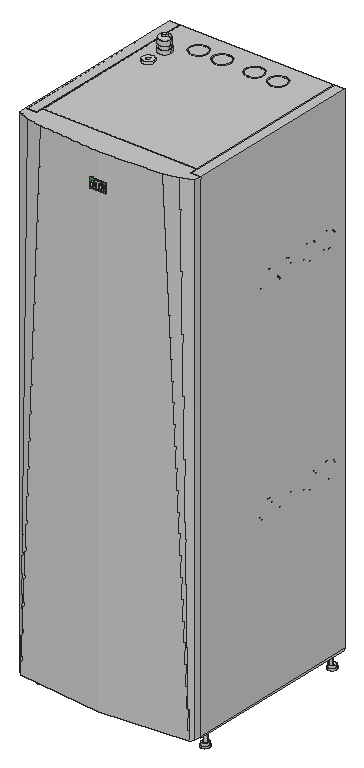
Revit family "HVAC_Heaters_Enertech_CTC-EcoPart-400 Basic", category Specialty Equipment, Revit 2017
Family settings
  Round Connector Dimension = Use Diameter
  Part Type = Normal
  OmniClass Number = 23.75.00.00
  OmniClass Title = Climate Control (HVAC)
  Work Plane-Based = No
  Always vertical = Yes
  Cut with Voids When Loaded = No
  Shared = No
  Room Calculation Point = No
Parameters (values of type "CTC EcoPart 425 Basic - 230V1N")
  Weight = "334 kg"
  WaterVolumeWaterSuply = "N/A"
  WaterVolumeHeathingSystem = "N/A"
  WarrantyStartDate [instance] = "n/a"
  WarrantyGuarantorParts = "n/a"
  WarrantyGuarantorLabor = "n/a"
  WarrantyDurationUnit = "Year"
  WarrantyDurationParts = "n/a"
  WarrantyDurationLabor = "n/a"
  WarrantyDescription = "n/a"
  VersionDate = "10/11/2020"  # constant formula
  Version = "1"  # constant formula
  UsageCurrent = 0 A
  Uniclass2015Reference = "Pr_40_70_65"
  Uniclass2015Description = "Preparation catering equipment"
  Uniclass2 = "Pr_40_70_65"
  URL = "https://ctc-heating.com/products/ground-source-heating"
  UNSPSCCode = "40101806"
  Type Comments = ""
  Touchscreen = "no"
  TagNumber [instance] = "n/a"
  SustainabilityPerformance = "n/a"
  Status = "n/a"
  SpecifiedOutput = "24.44 kW"
  SoundPowerLWA = "50 dB"
  Sound pressureLPA 5m = "N/A"
  Sound pressureLPA 1m = "45 dB"
  Sound pressureLPA 10m = "N/A"
  Size = "673x596x1760 mm"
  Shape = "Rectangular"
  SerialNumber [instance] = "7310 xxxx xxxx"
  SEERWarm = "N/A"
  SEERModerate = "N/A"
  SEERCold = "N/A"
  SCOPWarm = "4.7"
  SCOPModerate = "4.8"
  SCOPCold = "4.8"
  Revision = "4"  # constant formula
  ReplacementCost = "n/a"
  RefrigerantType = "R407C"
  RefrigerantQuantity = "4.6 kg (2.7+1.9)"
  ReferenceAirFlowRate = "N/A"
  Reference = "n/a"
  RatedVoltage = 230 V
  RatedHeatOutputModerate = "26 kW"
  RatedCurrent = 24 A
  PumpMainMaterial = Stainless Steel
  ProductInformation = "CTC EcoPart Pro/Basic is a series of large geothermal heat pumps without hotwater preparation. Using separate cooling modules, CTC EcoPart Pro/Basic is able to increase output in three stages. This provides gentler operation and better adaptation to the building's various output requirements. \nCTC EcoPart Pro/Basic is available in three sizes: 25, 30 and 35 kW which can be connected in series to produce up to 170 kW (1 x CTC EcoPart Pro + 4 x CTC EcoPart Basic). "
  PowerFactor = 0 W
  PhaseReference = "n/a"
  PhaseAngle = 0.00°
  OutputRangeIimmersionHeater = "N/A"
  OutputRange = "N/A"
  NumberOfPoles = 1
  NominalWidth = 596 mm
  NominalVoltage = 230 V
  NominalHeight = 1760 mm
  NominalHeatingOutput = "26/24"
  NominalFrequencyRange = 50 Hz
  NominalDepth = 673 mm
  NominalCurrent = 0 A
  Name = "CTC-EcoPart-425 Basic"  # constant formula
  NBSReference = "90-40-40/320"
  NBSDescription = "Air to water heat pumps"
  ModelReference = "n/a"
  ModelNumber = "587001011"
  MaxStartingCurrent = "60.0 A (30.0 + 30.0)"
  MaxOperatingPressureThermalStore = "3 bar"
  MaxOperatingPressureHotWater = "N/A"
  MaxAirFlowRate = "N/A"
  Material = "Steel/copper"
  ManufacturerURL = "https://ctc.se/"
  ManufacturerName = "Enertech AB"
  Model = "CTC EcoPart 425 Basic"
  ManufacturerCountry = "Sweden"
  Manufacturer = "Enertech AB"
  InsulationStandardClass = "n/a"
  InstallationDate [instance] = "n/a"
  InPutPower = "5.36 kW"
  IfcExportType = "HEATER"  # constant formula
  IfcExportAs = "IfcElectricalDeviceCommon"  # constant formula
  IP_Code = "IP X1"
  HotTapWaterPerformance = "N/A"
  HasProtectiveEarth = yes
  GroupFuse = "25 A"
  Grade = "n/a"
  Finish = "n/a"
  Features = "n/a"
  ExpectedLife = "n/a"
  EnergyEfficiencyClassForHeatingSystem = "A++/A++"
  EnergyEfficiencyClass = "A+++/A++"
  EnergyClass_HotWater_TapProfile = "N/A"
  EnergyClassHeatingWithoutControl = "A++"
  EnergyClassHeatingWithControl = "A+++"
  EANNumber = "7333077000653"
  DurationUnit = "Year"
  Description = "CTC EcoPart Pro/Basic is a series of large geothermal heat pumps without hotwater preparation. Using separate cooling modules, CTC EcoPart Pro/Basic is able to increase output in three stages. This provides gentler operation and better adaptation to the building's various output requirements. \nCTC EcoPart Pro/Basic is available in three sizes: 25, 30 and 35 kW which can be connected in series to produce up to 170 kW (1 x CTC EcoPart Pro + 4 x CTC EcoPart Basic). "
  Cost = 0
  CoolingModule_Bottom_Top = "414/410"
  ConvergoRefNr = "0091-1710-0005-SE"
  Constituents = "n/a"
  ConductorFunction = "n/a"
  Color = "white"
  CodePerformance = "n/a"
  Capacity = "Fixed"
  COPTop = "4.60/3.68/2.98"
  COPBottom = "4.54/3.64/2.95"
  COP = "4.56"
  CO2Equivalent = "8.160 tonnes"
  BrineSystem_Min_MaxPressure = "0.2 - 3.0 bar"
  Barcode [instance] = "n/a"
  AssetIdentifier [instance] = "n/a"
  Category = "Heat pumps, Geothermal"
  Brand = "CTC"
  BIMObjectName = "HVAC_Heaters_Enertech_CTC-EcoPart-425 Basic"  # constant formula
  Author = "Convergo AB"  # constant formula
  AssetType = "Fixed"
  Artikel nr. = ""
  AirFlow = "N/A"
  Accessories = ""
  AccessibilityPerformance = "n/a"
Reference planes
  plane 1 "Center (Front/Back)": y = 0
  plane 2: z = 0
  plane 3 "Center (Left/Right)": x = 0
  plane 4: x = -298
  plane 5: x = 298
  plane 6: y = 336.5
  plane 7: y = -336.5
  plane 8: z = 1760
Forms (mm)
  Extrusion 1, solid, material "Stainless Steel" <- "PumpMainMaterial", detail levels medium+fine
    sketch origin (0, 0, 0) x (1, 0, 0) y (0, 1, 0)
      loop
        line (-263, -247.014) -> (263, -247.014) -> (263, 336.5) -> (-263, 336.5) -> (-263, -247.014)
      loop
        line (261, 334.5) -> (-261, 334.5) -> (-261, -245.014) -> (261, -245.014) -> (261, 334.5)
    from 1757 to 52.5
  Extrusion 2, solid, material "Stainless Steel" <- "PumpMainMaterial", detail levels medium+fine
    sketch origin (0, 0, 0) x (1, 0, 0) y (0, 1, 0)
      loop
        line (-263, 336.5) -> (-263, -247.014) -> (263, -247.014) -> (263, 336.5) -> (-263, 336.5)
    from 1760 to 1757
  Extrusion 3, solid, material "Stainless Steel" <- "PumpMainMaterial", detail levels medium+fine
    sketch origin (0, 0, 0) x (1, 0, 0) y (0, 1, 0)
      loop
        line (-298, -273.014) -> (-263, -273.014) -> (-263, 336.5) -> (-298, 336.5) -> (-298, -273.014)
      loop
        line (-265, 334.5) -> (-296, 334.5) -> (-296, -271.014) -> (-265, -271.014) -> (-265, 334.5)
      loop
        line (298, -273.014) -> (298, 336.5) -> (263, 336.5) -> (263, -273.014) -> (298, -273.014)
      loop
        line (265, 334.5) -> (265, -271.014) -> (296, -271.014) -> (296, 334.5) -> (265, 334.5)
    from 52.5 to 1757
  Extrusion 4, solid, material "Stainless Steel" <- "PumpMainMaterial", detail levels medium+fine
    sketch origin (0, 0, 0) x (1, 0, 0) y (0, 1, 0)
      loop
        line (-298, -273.014) -> (-263, -273.014) -> (-263, 336.5) -> (-298, 336.5) -> (-298, -273.014)
      loop
        line (298, -273.014) -> (298, 336.5) -> (263, 336.5) -> (263, -273.014) -> (298, -273.014)
    from 1757 to 1760
  Extrusion 5, solid, material "Stainless Steel" <- "PumpMainMaterial", detail levels medium+fine
    sketch origin (0, 0, 0) x (1, 0, 0) y (0, 0, 1)
      loop
        line (-298, 52.518) -> (-298, 47.518) -> (-263, 47.518) -> (-263, 28) -> (263, 28) -> (263, 47.518) -> (298, 47.518) -> (298, 52.518) -> (-298, 52.518)
    from -336 to 272.514
  Extrusion 6, void
    sketch origin (0, 0, 0) x (1, 0, 0) y (0, 1, 0)
      loop
        arc (-135.992, 288.017) -> (-156.547, 279.105) -> (-165.459, 258.55) r 30.484
        line (-165.459, 258.55) -> (-163.458, 258.55)
        arc (-163.458, 258.55) -> (-155.133, 277.691) -> (-135.992, 286.016) r 28.484
        line (-135.992, 286.016) -> (-135.992, 288.017)
      loop
        line (-133.992, 288.017) -> (-133.992, 286.016)
        arc (-133.992, 286.016) -> (-114.851, 277.691) -> (-106.526, 258.55) r 28.484
        line (-106.526, 258.55) -> (-104.525, 258.55)
        arc (-104.525, 258.55) -> (-113.437, 279.105) -> (-133.992, 288.017) r 30.484
      loop
        arc (-165.459, 256.55) -> (-156.547, 235.995) -> (-135.992, 227.083) r 30.484
        line (-135.992, 227.083) -> (-135.992, 229.084)
        arc (-135.992, 229.084) -> (-155.133, 237.409) -> (-163.458, 256.55) r 28.484
        line (-163.458, 256.55) -> (-165.459, 256.55)
      loop
        line (-133.992, 229.084) -> (-133.992, 227.083)
        arc (-133.992, 227.083) -> (-113.437, 235.995) -> (-104.525, 256.55) r 30.484
        line (-104.525, 256.55) -> (-106.526, 256.55)
        arc (-106.526, 256.55) -> (-114.851, 237.409) -> (-133.992, 229.084) r 28.484
      loop
        arc (-55.992, 288.017) -> (-76.547, 279.105) -> (-85.459, 258.55) r 30.484
        line (-85.459, 258.55) -> (-83.458, 258.55)
        arc (-83.458, 258.55) -> (-75.133, 277.691) -> (-55.992, 286.016) r 28.484
        line (-55.992, 286.016) -> (-55.992, 288.017)
      loop
        line (-53.992, 288.017) -> (-53.992, 286.016)
        arc (-53.992, 286.016) -> (-34.851, 277.691) -> (-26.526, 258.55) r 28.484
        line (-26.526, 258.55) -> (-24.525, 258.55)
        arc (-24.525, 258.55) -> (-33.437, 279.105) -> (-53.992, 288.017) r 30.484
      loop
        arc (-85.459, 256.55) -> (-76.547, 235.995) -> (-55.992, 227.083) r 30.484
        line (-55.992, 227.083) -> (-55.992, 229.084)
        arc (-55.992, 229.084) -> (-75.133, 237.409) -> (-83.458, 256.55) r 28.484
        line (-83.458, 256.55) -> (-85.459, 256.55)
      loop
        line (-53.992, 229.084) -> (-53.992, 227.083)
        arc (-53.992, 227.083) -> (-33.437, 235.995) -> (-24.525, 256.55) r 30.484
        line (-24.525, 256.55) -> (-26.526, 256.55)
        arc (-26.526, 256.55) -> (-34.851, 237.409) -> (-53.992, 229.084) r 28.484
      loop
        line (135.992, 288.017) -> (135.992, 286.016)
        arc (135.992, 286.016) -> (155.133, 277.691) -> (163.458, 258.55) r 28.484
        line (163.458, 258.55) -> (165.459, 258.55)
        arc (165.459, 258.55) -> (156.547, 279.105) -> (135.992, 288.017) r 30.484
      loop
        arc (133.992, 288.017) -> (113.437, 279.105) -> (104.525, 258.55) r 30.484
        line (104.525, 258.55) -> (106.526, 258.55)
        arc (106.526, 258.55) -> (114.851, 277.691) -> (133.992, 286.016) r 28.484
        line (133.992, 286.016) -> (133.992, 288.017)
      loop
        line (165.459, 256.55) -> (163.458, 256.55)
        arc (163.458, 256.55) -> (155.133, 237.409) -> (135.992, 229.084) r 28.484
        line (135.992, 229.084) -> (135.992, 227.083)
        arc (135.992, 227.083) -> (156.547, 235.995) -> (165.459, 256.55) r 30.484
      loop
        arc (133.992, 229.084) -> (114.851, 237.409) -> (106.526, 256.55) r 28.484
        line (106.526, 256.55) -> (104.525, 256.55)
        arc (104.525, 256.55) -> (113.437, 235.995) -> (133.992, 227.083) r 30.484
        line (133.992, 227.083) -> (133.992, 229.084)
      loop
        line (55.992, 288.017) -> (55.992, 286.016)
        arc (55.992, 286.016) -> (75.133, 277.691) -> (83.458, 258.55) r 28.484
        line (83.458, 258.55) -> (85.459, 258.55)
        arc (85.459, 258.55) -> (76.547, 279.105) -> (55.992, 288.017) r 30.484
      loop
        arc (53.992, 288.017) -> (33.437, 279.105) -> (24.525, 258.55) r 30.484
        line (24.525, 258.55) -> (26.526, 258.55)
        arc (26.526, 258.55) -> (34.851, 277.691) -> (53.992, 286.016) r 28.484
        line (53.992, 286.016) -> (53.992, 288.017)
      loop
        line (85.459, 256.55) -> (83.458, 256.55)
        arc (83.458, 256.55) -> (75.133, 237.409) -> (55.992, 229.084) r 28.484
        line (55.992, 229.084) -> (55.992, 227.083)
        arc (55.992, 227.083) -> (76.547, 235.995) -> (85.459, 256.55) r 30.484
      loop
        arc (53.992, 229.084) -> (34.851, 237.409) -> (26.526, 256.55) r 28.484
        line (26.526, 256.55) -> (24.525, 256.55)
        arc (24.525, 256.55) -> (33.437, 235.995) -> (53.992, 227.083) r 30.484
        line (53.992, 227.083) -> (53.992, 229.084)
    from 1692.47 to 1786.05
  Extrusion 7, void
    sketch origin (0, 0, 0) x (0, 1, 0) y (0, 0, 1)
      loop
        line (266.984, 1360.467) -> (266.984, 1358.466)
        arc (266.984, 1358.466) -> (286.125, 1350.141) -> (294.45, 1331) r 28.484
        line (294.45, 1331) -> (296.451, 1331)
        arc (296.451, 1331) -> (287.539, 1351.555) -> (266.984, 1360.467) r 30.484
      loop
        arc (264.984, 1360.467) -> (244.428, 1351.555) -> (235.516, 1331) r 30.484
        line (235.516, 1331) -> (237.518, 1331)
        arc (237.518, 1331) -> (245.843, 1350.141) -> (264.984, 1358.466) r 28.484
        line (264.984, 1358.466) -> (264.984, 1360.467)
      loop
        line (296.451, 1329) -> (294.45, 1329)
        arc (294.45, 1329) -> (286.125, 1309.859) -> (266.984, 1301.534) r 28.484
        line (266.984, 1301.534) -> (266.984, 1299.533)
        arc (266.984, 1299.533) -> (287.539, 1308.445) -> (296.451, 1329) r 30.484
      loop
        arc (264.984, 1301.534) -> (245.843, 1309.859) -> (237.518, 1329) r 28.484
        line (237.518, 1329) -> (235.516, 1329)
        arc (235.516, 1329) -> (244.428, 1308.445) -> (264.984, 1299.533) r 30.484
        line (264.984, 1299.533) -> (264.984, 1301.534)
      loop
        line (186.984, 1360.467) -> (186.984, 1358.466)
        arc (186.984, 1358.466) -> (206.125, 1350.141) -> (214.45, 1331) r 28.484
        line (214.45, 1331) -> (216.451, 1331)
        arc (216.451, 1331) -> (207.539, 1351.555) -> (186.984, 1360.467) r 30.484
      loop
        arc (184.984, 1360.467) -> (164.428, 1351.555) -> (155.516, 1331) r 30.484
        line (155.516, 1331) -> (157.518, 1331)
        arc (157.518, 1331) -> (165.843, 1350.141) -> (184.984, 1358.466) r 28.484
        line (184.984, 1358.466) -> (184.984, 1360.467)
      loop
        line (216.451, 1329) -> (214.45, 1329)
        arc (214.45, 1329) -> (206.125, 1309.859) -> (186.984, 1301.534) r 28.484
        line (186.984, 1301.534) -> (186.984, 1299.533)
        arc (186.984, 1299.533) -> (207.539, 1308.445) -> (216.451, 1329) r 30.484
      loop
        arc (184.984, 1301.534) -> (165.843, 1309.859) -> (157.518, 1329) r 28.484
        line (157.518, 1329) -> (155.516, 1329)
        arc (155.516, 1329) -> (164.428, 1308.445) -> (184.984, 1299.533) r 30.484
        line (184.984, 1299.533) -> (184.984, 1301.534)
      loop
        arc (-5, 1360.467) -> (-25.555, 1351.555) -> (-34.467, 1331) r 30.484
        line (-34.467, 1331) -> (-32.466, 1331)
        arc (-32.466, 1331) -> (-24.141, 1350.141) -> (-5, 1358.466) r 28.484
        line (-5, 1358.466) -> (-5, 1360.467)
      loop
        line (-3, 1360.467) -> (-3, 1358.466)
        arc (-3, 1358.466) -> (16.141, 1350.141) -> (24.466, 1331) r 28.484
        line (24.466, 1331) -> (26.467, 1331)
        arc (26.467, 1331) -> (17.555, 1351.555) -> (-3, 1360.467) r 30.484
      loop
        arc (-34.467, 1329) -> (-25.555, 1308.445) -> (-5, 1299.533) r 30.484
        line (-5, 1299.533) -> (-5, 1301.534)
        arc (-5, 1301.534) -> (-24.141, 1309.859) -> (-32.466, 1329) r 28.484
        line (-32.466, 1329) -> (-34.467, 1329)
      loop
        line (-3, 1301.534) -> (-3, 1299.533)
        arc (-3, 1299.533) -> (17.555, 1308.445) -> (26.467, 1329) r 30.484
        line (26.467, 1329) -> (24.466, 1329)
        arc (24.466, 1329) -> (16.141, 1309.859) -> (-3, 1301.534) r 28.484
      loop
        arc (75, 1360.467) -> (54.445, 1351.555) -> (45.533, 1331) r 30.484
        line (45.533, 1331) -> (47.534, 1331)
        arc (47.534, 1331) -> (55.859, 1350.141) -> (75, 1358.466) r 28.484
        line (75, 1358.466) -> (75, 1360.467)
      loop
        line (77, 1360.467) -> (77, 1358.466)
        arc (77, 1358.466) -> (96.141, 1350.141) -> (104.466, 1331) r 28.484
        line (104.466, 1331) -> (106.467, 1331)
        arc (106.467, 1331) -> (97.555, 1351.555) -> (77, 1360.467) r 30.484
      loop
        arc (45.533, 1329) -> (54.445, 1308.445) -> (75, 1299.533) r 30.484
        line (75, 1299.533) -> (75, 1301.534)
        arc (75, 1301.534) -> (55.859, 1309.859) -> (47.534, 1329) r 28.484
        line (47.534, 1329) -> (45.533, 1329)
      loop
        line (77, 1301.534) -> (77, 1299.533)
        arc (77, 1299.533) -> (97.555, 1308.445) -> (106.467, 1329) r 30.484
        line (106.467, 1329) -> (104.466, 1329)
        arc (104.466, 1329) -> (96.141, 1309.859) -> (77, 1301.534) r 28.484
      loop
        line (266.984, 660.467) -> (266.984, 658.466)
        arc (266.984, 658.466) -> (286.125, 650.141) -> (294.45, 631) r 28.484
        line (294.45, 631) -> (296.451, 631)
        arc (296.451, 631) -> (287.539, 651.555) -> (266.984, 660.467) r 30.484
      loop
        arc (264.984, 660.467) -> (244.428, 651.555) -> (235.516, 631) r 30.484
        line (235.516, 631) -> (237.518, 631)
        arc (237.518, 631) -> (245.843, 650.141) -> (264.984, 658.466) r 28.484
        line (264.984, 658.466) -> (264.984, 660.467)
      loop
        line (296.451, 629) -> (294.45, 629)
        arc (294.45, 629) -> (286.125, 609.859) -> (266.984, 601.534) r 28.484
        line (266.984, 601.534) -> (266.984, 599.533)
        arc (266.984, 599.533) -> (287.539, 608.445) -> (296.451, 629) r 30.484
      loop
        arc (264.984, 601.534) -> (245.843, 609.859) -> (237.518, 629) r 28.484
        line (237.518, 629) -> (235.516, 629)
        arc (235.516, 629) -> (244.428, 608.445) -> (264.984, 599.533) r 30.484
        line (264.984, 599.533) -> (264.984, 601.534)
      loop
        line (186.984, 660.467) -> (186.984, 658.466)
        arc (186.984, 658.466) -> (206.125, 650.141) -> (214.45, 631) r 28.484
        line (214.45, 631) -> (216.451, 631)
        arc (216.451, 631) -> (207.539, 651.555) -> (186.984, 660.467) r 30.484
      loop
        arc (184.984, 660.467) -> (164.428, 651.555) -> (155.516, 631) r 30.484
        line (155.516, 631) -> (157.518, 631)
        arc (157.518, 631) -> (165.843, 650.141) -> (184.984, 658.466) r 28.484
        line (184.984, 658.466) -> (184.984, 660.467)
      loop
        line (216.451, 629) -> (214.45, 629)
        arc (214.45, 629) -> (206.125, 609.859) -> (186.984, 601.534) r 28.484
        line (186.984, 601.534) -> (186.984, 599.533)
        arc (186.984, 599.533) -> (207.539, 608.445) -> (216.451, 629) r 30.484
      loop
        arc (184.984, 601.534) -> (165.843, 609.859) -> (157.518, 629) r 28.484
        line (157.518, 629) -> (155.516, 629)
        arc (155.516, 629) -> (164.428, 608.445) -> (184.984, 599.533) r 30.484
        line (184.984, 599.533) -> (184.984, 601.534)
      loop
        arc (-5, 660.467) -> (-25.555, 651.555) -> (-34.467, 631) r 30.484
        line (-34.467, 631) -> (-32.466, 631)
        arc (-32.466, 631) -> (-24.141, 650.141) -> (-5, 658.466) r 28.484
        line (-5, 658.466) -> (-5, 660.467)
      loop
        line (-3, 660.467) -> (-3, 658.466)
        arc (-3, 658.466) -> (16.141, 650.141) -> (24.466, 631) r 28.484
        line (24.466, 631) -> (26.467, 631)
        arc (26.467, 631) -> (17.555, 651.555) -> (-3, 660.467) r 30.484
      loop
        arc (-34.467, 629) -> (-25.555, 608.445) -> (-5, 599.533) r 30.484
        line (-5, 599.533) -> (-5, 601.534)
        arc (-5, 601.534) -> (-24.141, 609.859) -> (-32.466, 629) r 28.484
        line (-32.466, 629) -> (-34.467, 629)
      loop
        line (-3, 601.534) -> (-3, 599.533)
        arc (-3, 599.533) -> (17.555, 608.445) -> (26.467, 629) r 30.484
        line (26.467, 629) -> (24.466, 629)
        arc (24.466, 629) -> (16.141, 609.859) -> (-3, 601.534) r 28.484
      loop
        arc (75, 660.467) -> (54.445, 651.555) -> (45.533, 631) r 30.484
        line (45.533, 631) -> (47.534, 631)
        arc (47.534, 631) -> (55.859, 650.141) -> (75, 658.466) r 28.484
        line (75, 658.466) -> (75, 660.467)
      loop
        line (77, 660.467) -> (77, 658.466)
        arc (77, 658.466) -> (96.141, 650.141) -> (104.466, 631) r 28.484
        line (104.466, 631) -> (106.467, 631)
        arc (106.467, 631) -> (97.555, 651.555) -> (77, 660.467) r 30.484
      loop
        arc (45.533, 629) -> (54.445, 608.445) -> (75, 599.533) r 30.484
        line (75, 599.533) -> (75, 601.534)
        arc (75, 601.534) -> (55.859, 609.859) -> (47.534, 629) r 28.484
        line (47.534, 629) -> (45.533, 629)
      loop
        line (77, 601.534) -> (77, 599.533)
        arc (77, 599.533) -> (97.555, 608.445) -> (106.467, 629) r 30.484
        line (106.467, 629) -> (104.466, 629)
        arc (104.466, 629) -> (96.141, 609.859) -> (77, 601.534) r 28.484
    from 298 to -298
  Extrusion 8, void
    sketch origin (0, 0, 0) x (1, 0, 0) y (0, 0, 1)
      loop
        line (135.984, 1360.467) -> (135.984, 1358.466)
        arc (135.984, 1358.466) -> (155.125, 1350.141) -> (163.45, 1331) r 28.484
        line (163.45, 1331) -> (165.451, 1331)
        arc (165.451, 1331) -> (156.539, 1351.555) -> (135.984, 1360.467) r 30.484
      loop
        arc (133.984, 1360.467) -> (113.428, 1351.555) -> (104.516, 1331) r 30.484
        line (104.516, 1331) -> (106.518, 1331)
        arc (106.518, 1331) -> (114.843, 1350.141) -> (133.984, 1358.466) r 28.484
        line (133.984, 1358.466) -> (133.984, 1360.467)
      loop
        line (165.451, 1329) -> (163.45, 1329)
        arc (163.45, 1329) -> (155.125, 1309.859) -> (135.984, 1301.534) r 28.484
        line (135.984, 1301.534) -> (135.984, 1299.533)
        arc (135.984, 1299.533) -> (156.539, 1308.445) -> (165.451, 1329) r 30.484
      loop
        arc (133.984, 1301.534) -> (114.843, 1309.859) -> (106.518, 1329) r 28.484
        line (106.518, 1329) -> (104.516, 1329)
        arc (104.516, 1329) -> (113.428, 1308.445) -> (133.984, 1299.533) r 30.484
        line (133.984, 1299.533) -> (133.984, 1301.534)
      loop
        line (55.984, 1360.467) -> (55.984, 1358.466)
        arc (55.984, 1358.466) -> (75.125, 1350.141) -> (83.45, 1331) r 28.484
        line (83.45, 1331) -> (85.451, 1331)
        arc (85.451, 1331) -> (76.539, 1351.555) -> (55.984, 1360.467) r 30.484
      loop
        arc (53.984, 1360.467) -> (33.428, 1351.555) -> (24.516, 1331) r 30.484
        line (24.516, 1331) -> (26.518, 1331)
        arc (26.518, 1331) -> (34.843, 1350.141) -> (53.984, 1358.466) r 28.484
        line (53.984, 1358.466) -> (53.984, 1360.467)
      loop
        line (85.451, 1329) -> (83.45, 1329)
        arc (83.45, 1329) -> (75.125, 1309.859) -> (55.984, 1301.534) r 28.484
        line (55.984, 1301.534) -> (55.984, 1299.533)
        arc (55.984, 1299.533) -> (76.539, 1308.445) -> (85.451, 1329) r 30.484
      loop
        arc (53.984, 1301.534) -> (34.843, 1309.859) -> (26.518, 1329) r 28.484
        line (26.518, 1329) -> (24.516, 1329)
        arc (24.516, 1329) -> (33.428, 1308.445) -> (53.984, 1299.533) r 30.484
        line (53.984, 1299.533) -> (53.984, 1301.534)
      loop
        arc (-136, 1360.467) -> (-156.555, 1351.555) -> (-165.467, 1331) r 30.484
        line (-165.467, 1331) -> (-163.466, 1331)
        arc (-163.466, 1331) -> (-155.141, 1350.141) -> (-136, 1358.466) r 28.484
        line (-136, 1358.466) -> (-136, 1360.467)
      loop
        line (-134, 1360.467) -> (-134, 1358.466)
        arc (-134, 1358.466) -> (-114.859, 1350.141) -> (-106.534, 1331) r 28.484
        line (-106.534, 1331) -> (-104.533, 1331)
        arc (-104.533, 1331) -> (-113.445, 1351.555) -> (-134, 1360.467) r 30.484
      loop
        arc (-165.467, 1329) -> (-156.555, 1308.445) -> (-136, 1299.533) r 30.484
        line (-136, 1299.533) -> (-136, 1301.534)
        arc (-136, 1301.534) -> (-155.141, 1309.859) -> (-163.466, 1329) r 28.484
        line (-163.466, 1329) -> (-165.467, 1329)
      loop
        line (-134, 1301.534) -> (-134, 1299.533)
        arc (-134, 1299.533) -> (-113.445, 1308.445) -> (-104.533, 1329) r 30.484
        line (-104.533, 1329) -> (-106.534, 1329)
        arc (-106.534, 1329) -> (-114.859, 1309.859) -> (-134, 1301.534) r 28.484
      loop
        arc (-56, 1360.467) -> (-76.555, 1351.555) -> (-85.467, 1331) r 30.484
        line (-85.467, 1331) -> (-83.466, 1331)
        arc (-83.466, 1331) -> (-75.141, 1350.141) -> (-56, 1358.466) r 28.484
        line (-56, 1358.466) -> (-56, 1360.467)
      loop
        line (-54, 1360.467) -> (-54, 1358.466)
        arc (-54, 1358.466) -> (-34.859, 1350.141) -> (-26.534, 1331) r 28.484
        line (-26.534, 1331) -> (-24.533, 1331)
        arc (-24.533, 1331) -> (-33.445, 1351.555) -> (-54, 1360.467) r 30.484
      loop
        arc (-85.467, 1329) -> (-76.555, 1308.445) -> (-56, 1299.533) r 30.484
        line (-56, 1299.533) -> (-56, 1301.534)
        arc (-56, 1301.534) -> (-75.141, 1309.859) -> (-83.466, 1329) r 28.484
        line (-83.466, 1329) -> (-85.467, 1329)
      loop
        line (-54, 1301.534) -> (-54, 1299.533)
        arc (-54, 1299.533) -> (-33.445, 1308.445) -> (-24.533, 1329) r 30.484
        line (-24.533, 1329) -> (-26.534, 1329)
        arc (-26.534, 1329) -> (-34.859, 1309.859) -> (-54, 1301.534) r 28.484
      loop
        line (135.984, 660.467) -> (135.984, 658.466)
        arc (135.984, 658.466) -> (155.125, 650.141) -> (163.45, 631) r 28.484
        line (163.45, 631) -> (165.451, 631)
        arc (165.451, 631) -> (156.539, 651.555) -> (135.984, 660.467) r 30.484
      loop
        arc (133.984, 660.467) -> (113.428, 651.555) -> (104.516, 631) r 30.484
        line (104.516, 631) -> (106.518, 631)
        arc (106.518, 631) -> (114.843, 650.141) -> (133.984, 658.466) r 28.484
        line (133.984, 658.466) -> (133.984, 660.467)
      loop
        line (165.451, 629) -> (163.45, 629)
        arc (163.45, 629) -> (155.125, 609.859) -> (135.984, 601.534) r 28.484
        line (135.984, 601.534) -> (135.984, 599.533)
        arc (135.984, 599.533) -> (156.539, 608.445) -> (165.451, 629) r 30.484
      loop
        arc (133.984, 601.534) -> (114.843, 609.859) -> (106.518, 629) r 28.484
        line (106.518, 629) -> (104.516, 629)
        arc (104.516, 629) -> (113.428, 608.445) -> (133.984, 599.533) r 30.484
        line (133.984, 599.533) -> (133.984, 601.534)
      loop
        line (55.984, 660.467) -> (55.984, 658.466)
        arc (55.984, 658.466) -> (75.125, 650.141) -> (83.45, 631) r 28.484
        line (83.45, 631) -> (85.451, 631)
        arc (85.451, 631) -> (76.539, 651.555) -> (55.984, 660.467) r 30.484
      loop
        arc (53.984, 660.467) -> (33.428, 651.555) -> (24.516, 631) r 30.484
        line (24.516, 631) -> (26.518, 631)
        arc (26.518, 631) -> (34.843, 650.141) -> (53.984, 658.466) r 28.484
        line (53.984, 658.466) -> (53.984, 660.467)
      loop
        line (85.451, 629) -> (83.45, 629)
        arc (83.45, 629) -> (75.125, 609.859) -> (55.984, 601.534) r 28.484
        line (55.984, 601.534) -> (55.984, 599.533)
        arc (55.984, 599.533) -> (76.539, 608.445) -> (85.451, 629) r 30.484
      loop
        arc (53.984, 601.534) -> (34.843, 609.859) -> (26.518, 629) r 28.484
        line (26.518, 629) -> (24.516, 629)
        arc (24.516, 629) -> (33.428, 608.445) -> (53.984, 599.533) r 30.484
        line (53.984, 599.533) -> (53.984, 601.534)
      loop
        arc (-136, 660.467) -> (-156.555, 651.555) -> (-165.467, 631) r 30.484
        line (-165.467, 631) -> (-163.466, 631)
        arc (-163.466, 631) -> (-155.141, 650.141) -> (-136, 658.466) r 28.484
        line (-136, 658.466) -> (-136, 660.467)
      loop
        line (-134, 660.467) -> (-134, 658.466)
        arc (-134, 658.466) -> (-114.859, 650.141) -> (-106.534, 631) r 28.484
        line (-106.534, 631) -> (-104.533, 631)
        arc (-104.533, 631) -> (-113.445, 651.555) -> (-134, 660.467) r 30.484
      loop
        arc (-165.467, 629) -> (-156.555, 608.445) -> (-136, 599.533) r 30.484
        line (-136, 599.533) -> (-136, 601.534)
        arc (-136, 601.534) -> (-155.141, 609.859) -> (-163.466, 629) r 28.484
        line (-163.466, 629) -> (-165.467, 629)
      loop
        line (-134, 601.534) -> (-134, 599.533)
        arc (-134, 599.533) -> (-113.445, 608.445) -> (-104.533, 629) r 30.484
        line (-104.533, 629) -> (-106.534, 629)
        arc (-106.534, 629) -> (-114.859, 609.859) -> (-134, 601.534) r 28.484
      loop
        arc (-56, 660.467) -> (-76.555, 651.555) -> (-85.467, 631) r 30.484
        line (-85.467, 631) -> (-83.466, 631)
        arc (-83.466, 631) -> (-75.141, 650.141) -> (-56, 658.466) r 28.484
        line (-56, 658.466) -> (-56, 660.467)
      loop
        line (-54, 660.467) -> (-54, 658.466)
        arc (-54, 658.466) -> (-34.859, 650.141) -> (-26.534, 631) r 28.484
        line (-26.534, 631) -> (-24.533, 631)
        arc (-24.533, 631) -> (-33.445, 651.555) -> (-54, 660.467) r 30.484
      loop
        arc (-85.467, 629) -> (-76.555, 608.445) -> (-56, 599.533) r 30.484
        line (-56, 599.533) -> (-56, 601.534)
        arc (-56, 601.534) -> (-75.141, 609.859) -> (-83.466, 629) r 28.484
        line (-83.466, 629) -> (-85.467, 629)
      loop
        line (-54, 601.534) -> (-54, 599.533)
        arc (-54, 599.533) -> (-33.445, 608.445) -> (-24.533, 629) r 30.484
        line (-24.533, 629) -> (-26.534, 629)
        arc (-26.534, 629) -> (-34.859, 609.859) -> (-54, 601.534) r 28.484
    from -303.059 to -367.702
  Extrusion 9, solid, detail levels medium+fine
    sketch origin (0, 0, 0) x (1, 0, 0) y (0, 0, 1)
      loop
        circle (224.507, 1674.571) r 14
      loop
        circle (224.507, 1674.571) r 12.4
      loop
        circle (224.507, 1624.571) r 14
      loop
        circle (224.507, 1624.571) r 12.4
      loop
        circle (224.507, 1574.571) r 14
      loop
        circle (224.507, 1574.571) r 12.4
      loop
        circle (-224.507, 1674.571) r 14
      loop
        circle (-224.507, 1674.571) r 12.4
      loop
        circle (-224.507, 1624.571) r 14
      loop
        circle (-224.507, 1624.571) r 12.4
      loop
        circle (-224.507, 1574.571) r 14
      loop
        circle (-224.507, 1574.571) r 12.4
    from -341 to -340
  Extrusion 10, solid, material "Stainless Steel" <- "PumpMainMaterial", detail levels medium+fine
    sketch origin (0, 0, 0) x (0, 1, 0) y (0, 0, 1)
      loop
        line (-117.429, 26) -> (-99.086, 26)
        arc (-99.086, 26) -> (-98.32, 25.848) -> (-97.671, 25.414) r 2
        line (-97.671, 25.414) -> (-89.085, 16.828)
        arc (-89.085, 16.828) -> (-86.256, 15.656) -> (-83.428, 16.828) r 4
        line (-83.428, 16.828) -> (-75.261, 24.995) -> (-76.675, 26.409) -> (-84.842, 18.242)
        arc (-84.842, 18.242) -> (-86.256, 17.656) -> (-87.671, 18.242) r 2
        line (-87.671, 18.242) -> (-96.257, 26.828)
        arc (-96.257, 26.828) -> (-97.555, 27.696) -> (-99.086, 28) r 4
        line (-99.086, 28) -> (-117.429, 28)
        arc (-117.429, 28) -> (-118.96, 27.696) -> (-120.257, 26.828) r 4
        line (-120.257, 26.828) -> (-128.844, 18.242)
        arc (-128.844, 18.242) -> (-130.258, 17.656) -> (-131.672, 18.242) r 2
        line (-131.672, 18.242) -> (-139.839, 26.409) -> (-141.253, 24.995) -> (-133.086, 16.828)
        arc (-133.086, 16.828) -> (-130.258, 15.656) -> (-127.429, 16.828) r 4
        line (-127.429, 16.828) -> (-118.843, 25.414)
        arc (-118.843, 25.414) -> (-118.194, 25.848) -> (-117.429, 26) r 2
      loop
        arc (180.914, 26) -> (181.68, 25.848) -> (182.329, 25.414) r 2
        line (182.329, 25.414) -> (190.915, 16.828)
        arc (190.915, 16.828) -> (193.744, 15.656) -> (196.572, 16.828) r 4
        line (196.572, 16.828) -> (204.739, 24.995) -> (203.325, 26.409) -> (195.158, 18.242)
        arc (195.158, 18.242) -> (193.744, 17.656) -> (192.329, 18.242) r 2
        line (192.329, 18.242) -> (183.743, 26.828)
        arc (183.743, 26.828) -> (182.445, 27.696) -> (180.914, 28) r 4
        line (180.914, 28) -> (162.571, 28)
        arc (162.571, 28) -> (161.04, 27.696) -> (159.743, 26.828) r 4
        line (159.743, 26.828) -> (151.156, 18.242)
        arc (151.156, 18.242) -> (149.742, 17.656) -> (148.328, 18.242) r 2
        line (148.328, 18.242) -> (140.161, 26.409) -> (138.747, 24.995) -> (146.914, 16.828)
        arc (146.914, 16.828) -> (149.742, 15.656) -> (152.571, 16.828) r 4
        line (152.571, 16.828) -> (161.157, 25.414)
        arc (161.157, 25.414) -> (161.806, 25.848) -> (162.571, 26) r 2
        line (162.571, 26) -> (180.914, 26)
    from 255.5 to -255.5
  Revolve 11, solid, material "Stainless Steel" <- "PumpMainMaterial", detail levels medium+fine
    sketch origin (0, 307.895, 0) x (1, 0, 0) y (0, 0, 1)
      loop
        line (-279.5, 12) -> (-279.5, 0) -> (-265.125, 0) -> (-265.125, 4) -> (-267.125, 4) -> (-267.125, 12) -> (-279.5, 12)
      axis (-279.5, 12) -> (-279.5, 0)
    angle from 0 to 360
  Revolve 12, solid, material "Stainless Steel" <- "PumpMainMaterial", detail levels medium+fine
    sketch origin (0, 307.895, 0) x (-1, 0, 0) y (0, 0, 1)
      loop
        line (-279.5, 12) -> (-279.5, 0) -> (-265.125, 0) -> (-265.125, 4) -> (-267.125, 4) -> (-267.125, 12) -> (-279.5, 12)
      axis (-279.5, 12) -> (-279.5, 0)
    angle from 0 to 360
  Revolve 13, solid, material "Stainless Steel" <- "PumpMainMaterial", detail levels medium+fine
    sketch origin (0, -232.139, 0) x (1, 0, 0) y (0, 0, 1)
      loop
        line (-279.5, 12) -> (-279.5, 0) -> (-265.125, 0) -> (-265.125, 4) -> (-267.125, 4) -> (-267.125, 12) -> (-279.5, 12)
      axis (-279.5, 12) -> (-279.5, 0)
    angle from 0 to 360
  Revolve 14, solid, material "Stainless Steel" <- "PumpMainMaterial", detail levels medium+fine
    sketch origin (0, -232.139, 0) x (-1, 0, 0) y (0, 0, 1)
      loop
        line (-279.5, 12) -> (-279.5, 0) -> (-265.125, 0) -> (-265.125, 4) -> (-267.125, 4) -> (-267.125, 12) -> (-279.5, 12)
      axis (-279.5, 12) -> (-279.5, 0)
    angle from 0 to 360
  Extrusion 15, solid, material "Stainless Steel" <- "PumpMainMaterial", detail levels medium+fine
    sketch origin (0, 0, 0) x (1, 0, 0) y (0, 1, 0)
      loop
        circle (-279.5, 304.395) r 5
      loop
        circle (-279.5, -228.639) r 5
      loop
        circle (279.5, 304.395) r 5
      loop
        circle (279.5, -228.639) r 5
    from 47.518 to 12
  Blend 16, solid, material "Stainless Steel" <- "PumpMainMaterial", detail levels medium+fine
    base sketch origin (0, 0, 0) x (1, 0, 0) y (0, 1, 0)
      loop
        line (263, -247.014) -> (-263, -247.014) -> (-263, -273.014) -> (-298, -273.014) -> (-298, -297.936) -> (-285.5, -312.015)
        arc (-285.5, -312.015) -> (0, -336.603) -> (285.5, -312.015) r 1669.83
        line (285.5, -312.015) -> (298, -297.936) -> (298, -273.014) -> (263, -273.014) -> (263, -247.014)
    top sketch origin (0, 0, 0) x (1, 0, 0) y (0, 1, 0)
      loop
        line (263, -247.014) -> (-263, -247.014) -> (-263, -273.014) -> (-298, -273.014) -> (-298, -297.936) -> (-258, -313.834) -> (-208, -323.074)
        arc (-208, -323.074) -> (0, -336.558) -> (208, -323.074) r 1610.992
        line (208, -323.074) -> (258, -313.834) -> (298, -297.936) -> (298, -273.014) -> (263, -273.014) -> (263, -247.014)
    from 52.5 to 1760
  Extrusion 17, solid, material "Green", detail levels medium+fine
    sketch origin (0, 0, -11.843) x (1, 0, 0) y (0, 0, 1)
      loop
        arc (-25.5, 1686.518) -> (-26.914, 1685.932) -> (-27.5, 1684.518) r 2
        line (-27.5, 1684.518) -> (-27.5, 1655.518)
        arc (-27.5, 1655.518) -> (-26.914, 1654.103) -> (-25.5, 1653.518) r 2
        line (-25.5, 1653.518) -> (25.5, 1653.518)
        arc (25.5, 1653.518) -> (26.914, 1654.103) -> (27.5, 1655.518) r 2
        line (27.5, 1655.518) -> (27.5, 1684.518)
        arc (27.5, 1684.518) -> (26.914, 1685.932) -> (25.5, 1686.518) r 2
        line (25.5, 1686.518) -> (-25.5, 1686.518)
    from 339.5 to 339
  Extrusion 18, solid, material "Stainless Steel" <- "PumpMainMaterial", detail levels medium+fine
    sketch origin (0, 0, -44.843) x (1, 0, 0) y (0, 0, 1)
      loop
        line (3.815, 1710.351) -> (11.698, 1710.357) -> (11.698, 1715.677) -> (-11.698, 1715.677) -> (-11.698, 1710.336) -> (-3.818, 1710.344) -> (-3.81, 1690.398) -> (3.815, 1690.398) -> (3.815, 1710.351)
      loop
        spline (24.54, 1702.497) -> (22.341, 1706.572) -> (18.495, 1709.152) -> (13.888, 1709.644) -> (9.584, 1707.934) -> (6.572, 1704.417) -> (5.548, 1699.902) -> (6.747, 1695.43) -> (9.893, 1692.032) -> (14.261, 1690.49) -> (18.844, 1691.161) -> (22.587, 1693.888) -> (24.627, 1698.045)
        line (24.627, 1698.045) -> (18.433, 1698.045)
        spline (18.433, 1698.045) -> (17.635, 1695.915) -> (16.341, 1694.569) -> (14.815, 1694.279) -> (13.364, 1695.105) -> (12.285, 1696.88) -> (11.795, 1699.242) -> (11.994, 1701.714) -> (12.842, 1703.793) -> (14.166, 1705.058) -> (15.698, 1705.253) -> (17.128, 1704.337) -> (18.165, 1702.497)
        line (18.165, 1702.497) -> (24.54, 1702.497)
      loop
        spline (-5.46, 1702.497) -> (-7.659, 1706.572) -> (-11.505, 1709.152) -> (-16.112, 1709.644) -> (-20.416, 1707.934) -> (-23.428, 1704.417) -> (-24.452, 1699.902) -> (-23.253, 1695.43) -> (-20.107, 1692.032) -> (-15.739, 1690.49) -> (-11.156, 1691.161) -> (-7.413, 1693.888) -> (-5.373, 1698.045)
        line (-5.373, 1698.045) -> (-11.567, 1698.045)
        spline (-11.567, 1698.045) -> (-12.365, 1695.915) -> (-13.659, 1694.569) -> (-15.185, 1694.279) -> (-16.636, 1695.105) -> (-17.715, 1696.88) -> (-18.205, 1699.242) -> (-18.006, 1701.714) -> (-17.158, 1703.793) -> (-15.834, 1705.058) -> (-14.302, 1705.253) -> (-12.872, 1704.337) -> (-11.835, 1702.497)
        line (-11.835, 1702.497) -> (-5.46, 1702.497)
    from 339.5 to 340
  Extrusion 19, solid, detail levels medium+fine
    sketch origin (0, 0, 0) x (1, 0, 0) y (0, 1, 0)
      loop
        circle (-205.108, 130.616) r 19.248
      loop
        circle (-205.108, 130.616) r 7.026
    from 1760 to 1766
  Revolve 20, solid, material "Stainless Steel" <- "PumpMainMaterial", detail levels medium+fine
    sketch origin (895.25, 200.616, -2.95) x (1, 0, 0) y (0, 0, 1)
      loop
        line (-1078.358, 1762.95) -> (-1078.358, 1773.95) -> (-1084.337, 1773.95) -> (-1084.337, 1788.15) -> (-1080.241, 1788.15) -> (-1080.241, 1801.909) -> (-1082.574, 1803.255)
        arc (-1082.574, 1803.255) -> (-1084.443, 1807.898) -> (-1089.009, 1809.95) r 6.7
        line (-1089.009, 1809.95) -> (-1100.358, 1809.95) -> (-1100.358, 1762.95) -> (-1078.358, 1762.95)
      axis (-1100.358, 1809.95) -> (-1100.358, 1762.95)
    angle from 0 to 360
  Extrusion 21, void
    sketch origin (0, 0, 0) x (1, 0, 0) y (0, 1, 0)
      loop
        circle (-205.108, 197.116) r 5.5
    from 1760 to 1807
  Extrusion 22, solid, material "Stainless Steel" <- "PumpMainMaterial", detail levels coarse
    sketch origin (0, 0, 0) x (1, 0, 0) y (0, 1, 0)
      loop
        line (-298, -336.5) -> (298, -336.5) -> (298, 336.5) -> (-298, 336.5) -> (-298, -336.5)
    from 0 to 1760
  Extrusion 23, solid, detail levels medium+fine
    sketch origin (0, 0, 0) x (1, 0, 0) y (0, 1, 0)
      loop
        circle (-134.992, 257.55) r 28.484
      loop
        circle (-54.992, 257.55) r 28.484
      loop
        circle (54.992, 257.55) r 28.484
      loop
        circle (134.992, 257.55) r 28.484
    from 1756 to 1757
  Extrusion 24, solid, detail levels medium+fine
    sketch origin (0, 0, 0) x (0, 1, 0) y (0, 0, 1)
      loop
        circle (262.484, 630) r 28.484
      loop
        circle (185.984, 630) r 28.484
      loop
        circle (76, 630) r 28.484
      loop
        circle (-4, 630) r 28.484
      loop
        circle (-4, 1330) r 28.484
      loop
        circle (76, 1330) r 28.484
      loop
        circle (185.984, 1330) r 28.484
      loop
        circle (262.484, 1330) r 28.484
    from -296 to -295
  Extrusion 25, solid, detail levels medium+fine
    sketch origin (0, 0, 0) x (0, 1, 0) y (0, 0, -1)
      loop
        circle (262.484, -630) r 28.484
      loop
        circle (185.984, -630) r 28.484
      loop
        circle (76, -630) r 28.484
      loop
        circle (-4, -630) r 28.484
      loop
        circle (-4, -1330) r 28.484
      loop
        circle (76, -1330) r 28.484
      loop
        circle (185.984, -1330) r 28.484
      loop
        circle (262.484, -1330) r 28.484
    from -296 to -295
  Extrusion 26, solid, material "Stainless Steel" <- "PumpMainMaterial", detail levels medium+fine
    sketch origin (0, 0, 0) x (1, 0, 0) y (0, 0, 1)
      loop
        circle (134.984, 1330) r 28.484
      loop
        circle (54.984, 1330) r 28.484
      loop
        circle (-55, 1330) r 28.484
      loop
        circle (-135, 1330) r 28.484
      loop
        circle (-135, 630) r 28.484
      loop
        circle (-55, 630) r 28.484
      loop
        circle (54.984, 630) r 28.484
      loop
        circle (134.984, 630) r 28.484
    from -338 to -337
Cuts and joins
  Extrusion 7 cuts Extrusion 3
  Extrusion 7 cuts Extrusion 4
  joined: Extrusion 3, Extrusion 4
  Extrusion 6, Extrusion 7, Extrusion 8, Extrusion 21 cuts Extrusion 1
  Extrusion 6, Extrusion 7, Extrusion 8, Extrusion 21 cuts Extrusion 2
  joined: Extrusion 1, Extrusion 2
  Extrusion 21 cuts Extrusion 5
  Extrusion 21 cuts Extrusion 10
  Extrusion 21 cuts Revolve 20
Lines and regions (mm)
  symbolic lines
    curve 1: line (298, 336.5, 0) -> (238.507, 336.5, 0)
    curve 2: line (238.507, 336.5, 0) -> (238.507, 337.5, 0)
    curve 3: line (238.507, 337.5, 0) -> (210.507, 337.5, 0)
    curve 4: line (210.507, 337.5, 0) -> (210.507, 336.5, 0)
    curve 5: line (210.507, 336.5, 0) -> (-210.507, 336.5, 0)
    curve 6: line (-210.507, 336.5, 0) -> (-210.507, 337.5, 0)
    curve 7: line (-210.507, 337.5, 0) -> (-238.507, 337.5, 0)
    curve 8: line (-238.507, 337.5, 0) -> (-238.507, 336.5, 0)
    curve 9: line (-238.507, 336.5, 0) -> (-298, 336.5, 0)
    curve 105: line (0, 336.5, 1760) -> (0, 336.5, 1688.571)
    curve 106: line (0, 336.5, 1688.571) -> (0, 337.5, 1688.571)
    curve 107: line (0, 337.5, 1688.571) -> (0, 337.5, 1660.571)
    curve 108: line (0, 337.5, 1660.571) -> (0, 336.5, 1660.571)
    curve 109: line (0, 336.5, 1660.571) -> (0, 336.5, 1638.571)
    curve 110: line (0, 336.5, 1638.571) -> (0, 337.5, 1638.571)
    curve 111: line (0, 337.5, 1638.571) -> (0, 337.5, 1610.571)
    curve 112: line (0, 337.5, 1610.571) -> (0, 336.5, 1610.571)
    curve 113: line (0, 336.5, 1610.571) -> (0, 336.5, 1588.571)
    curve 114: line (0, 336.5, 1588.571) -> (0, 337.5, 1588.571)
    curve 115: line (0, 337.5, 1588.571) -> (0, 337.5, 1560.571)
    curve 116: line (0, 337.5, 1560.571) -> (0, 336.5, 1560.571)
    curve 117: line (0, 336.5, 1760) -> (0, 222.616, 1760)
    curve 118: line (0, 178.616, 1760) -> (0, 149.865, 1760)
    curve 119: line (0, 111.368, 1760) -> (0, -336.5, 1760)
    curve 120: line (0, 111.368, 1760) -> (0, 111.368, 1766)
    curve 121: line (0, 111.368, 1766) -> (0, 149.865, 1766)
    curve 122: line (0, 149.865, 1766) -> (0, 149.865, 1760)
    curve 392: line (-298, 0, 1760) -> (-227.108, 0, 1760)
    curve 407: line (-183.108, 0, 1760) -> (298, 0, 1760)
  symbolic lines, detail levels medium+fine
    curve 10: line (-298, 336.5, 0) -> (-298, -297.936, 0)
    curve 11: line (-298, -297.936, 0) -> (-258, -313.834, 0)
    curve 12: line (-258, -313.834, 0) -> (-208, -323.074, 0)
    curve 13: arc (-208, -323.074, 0) -> (0, -336.558, 0) -> (208, -323.074, 0) r 1610.992
    curve 14: line (208, -323.074, 0) -> (258, -313.834, 0)
    curve 15: line (258, -313.834, 0) -> (298, -297.936, 0)
    curve 16: line (298, -297.936, 0) -> (298, 336.5, 0)
    curve 129: line (0, 336.5, 1560.571) -> (0, 336.5, 52.518)
    curve 130: line (0, 332.5, 28) -> (0, 332.5, 52.518)
    curve 131: line (0, 332.5, 52.518) -> (0, 336.5, 52.518)
    curve 132: line (0, 309.395, 12) -> (0, 309.395, 28)
    curve 133: line (0, 309.395, 28) -> (0, 332.5, 28)
    curve 134: line (0, 309.395, 12) -> (0, 316.77, 12)
    curve 135: line (0, 316.77, 12) -> (0, 316.77, 4)
    curve 136: line (0, 316.77, 4) -> (0, 318.77, 4)
    curve 137: line (0, 318.77, 4) -> (0, 318.77, 0)
    curve 138: line (0, 299.395, 12) -> (0, 292.02, 12)
    curve 139: line (0, 292.02, 12) -> (0, 292.02, 4)
    curve 140: line (0, 292.02, 4) -> (0, 290.02, 4)
    curve 141: line (0, 290.02, 4) -> (0, 290.02, 0)
    curve 142: line (0, 299.395, 28) -> (0, 299.395, 12)
    curve 143: line (0, 299.395, 28) -> (0, -223.605, 28)
    curve 144: line (0, -223.605, 28) -> (0, -223.605, 12)
    curve 145: line (0, -223.605, 12) -> (0, -216.264, 12)
    curve 146: line (0, -216.264, 12) -> (0, -216.264, 4)
    curve 147: line (0, -216.264, 4) -> (0, -214.264, 4)
    curve 148: line (0, -214.264, 4) -> (0, -214.264, 0)
    curve 149: line (0, -241.014, 4) -> (0, -243.014, 4)
    curve 150: line (0, -243.014, 4) -> (0, -243.014, 0)
    curve 151: line (0, -241.014, 4) -> (0, -241.014, 12)
    curve 152: line (0, -241.014, 12) -> (0, -233.639, 12)
    curve 153: line (0, -233.639, 28) -> (0, -233.639, 12)
    curve 154: line (0, -233.639, 28) -> (0, -269.014, 28)
    curve 155: line (0, -269.014, 28) -> (0, -269.014, 52.518)
    curve 156: line (0, -269.014, 52.518) -> (0, -336.5, 52.518)
    curve 157: line (0, -336.5, 52.518) -> (0, -336.5, 1760)
    curve 158: line (0, 216.637, 1771) -> (0, 222.616, 1771)
    curve 159: line (0, 216.637, 1771) -> (0, 216.637, 1785.2)
    curve 160: line (0, 216.637, 1785.2) -> (0, 220.733, 1785.2)
    curve 161: line (0, 220.733, 1785.2) -> (0, 220.733, 1798.959)
    curve 162: line (0, 220.733, 1798.959) -> (0, 218.401, 1800.305)
    curve 163: line (0, 184.596, 1771) -> (0, 178.616, 1771)
    curve 164: line (0, 184.596, 1771) -> (0, 184.596, 1785.2)
    curve 165: line (0, 184.596, 1785.2) -> (0, 180.5, 1785.2)
    curve 166: line (0, 180.5, 1785.2) -> (0, 180.5, 1798.959)
    curve 167: line (0, 180.5, 1798.959) -> (0, 182.832, 1800.305)
    curve 174: line (0, 211.701, 1807) -> (0, 189.532, 1807)
    curve 175: arc (0, 211.701, 1807) -> (0, 216.435, 1805.039) -> (0, 218.396, 1800.305) r 6.695
    curve 176: arc (0, 189.532, 1807) -> (0, 184.798, 1805.039) -> (0, 182.837, 1800.305) r 6.695
    curve 177: line (0, 222.616, 1771) -> (0, 222.616, 1760)
    curve 178: line (0, 178.616, 1771) -> (0, 178.616, 1760)
    curve 359: line (284.5, 0, 47.518) -> (284.5, 0, 12)
    curve 360: line (284.5, 0, 12) -> (291.875, 0, 12)
    curve 361: line (291.875, 0, 12) -> (291.875, 0, 4)
    curve 362: line (291.875, 0, 4) -> (293.875, 0, 4)
    curve 363: line (293.875, 0, 4) -> (293.875, 0, 0)
    curve 364: line (293.875, 0, 0) -> (265.125, 0, 0)
    curve 365: line (265.125, 0, 0) -> (265.125, 0, 4)
    curve 366: line (265.125, 0, 4) -> (267.125, 0, 4)
    curve 367: line (267.125, 0, 4) -> (267.125, 0, 12)
    curve 368: line (267.125, 0, 12) -> (274.5, 0, 12)
    curve 369: line (274.5, 0, 12) -> (274.5, 0, 47.518)
    curve 370: line (274.5, 0, 47.518) -> (263, 0, 47.518)
    curve 371: line (263, 0, 47.518) -> (263, 0, 28)
    curve 372: line (263, 0, 28) -> (255.5, 0, 28)
    curve 373: line (255.5, 0, 28) -> (255.5, 0, 15.656)
    curve 374: line (255.5, 0, 15.656) -> (-255.5, 0, 15.656)
    curve 375: line (-255.5, 0, 15.656) -> (-255.5, 0, 28)
    curve 376: line (-255.5, 0, 28) -> (-263, 0, 28)
    curve 377: line (-263, 0, 28) -> (-263, 0, 47.518)
    curve 378: line (-263, 0, 47.518) -> (-274.5, 0, 47.518)
    curve 379: line (-274.5, 0, 47.518) -> (-274.5, 0, 12)
    curve 380: line (-274.5, 0, 12) -> (-267.125, 0, 12)
    curve 381: line (-267.125, 0, 12) -> (-267.125, 0, 4)
    curve 382: line (-267.125, 0, 4) -> (-265.125, 0, 4)
    curve 383: line (-265.125, 0, 4) -> (-265.125, 0, 0)
    curve 384: line (-265.125, 0, 0) -> (-293.875, 0, 0)
    curve 385: line (-293.875, 0, 0) -> (-293.875, 0, 4)
    curve 386: line (-293.875, 0, 4) -> (-291.875, 0, 4)
    curve 387: line (-291.875, 0, 4) -> (-291.875, 0, 12)
    curve 388: line (-291.875, 0, 12) -> (-284.5, 0, 12)
    curve 389: line (-284.5, 0, 12) -> (-284.5, 0, 47.518)
    curve 390: line (-284.5, 0, 47.518) -> (-298, 0, 47.518)
    curve 391: line (-298, 0, 47.518) -> (-298, 0, 1760)
    curve 393: line (-227.108, 0, 1760) -> (-227.108, 0, 1771)
    curve 394: line (-227.108, 0, 1771) -> (-221.129, 0, 1771)
    curve 395: line (-221.129, 0, 1771) -> (-221.129, 0, 1785.2)
    curve 396: line (-221.129, 0, 1785.2) -> (-225.225, 0, 1785.2)
    curve 397: line (-225.225, 0, 1785.2) -> (-225.225, 0, 1798.959)
    curve 398: line (-225.225, 0, 1798.959) -> (-222.893, 0, 1800.305)
    curve 399: line (-216.198, 0, 1807) -> (-193.759, 0, 1807)
    curve 400: arc (-222.893, 0, 1800.305) -> (-220.932, 0, 1805.039) -> (-216.198, 0, 1807) r 6.695
    curve 401: line (-187.324, 0, 1800.305) -> (-184.992, 0, 1798.959)
    curve 402: line (-184.992, 0, 1798.959) -> (-184.992, 0, 1785.2)
    curve 403: line (-184.992, 0, 1785.2) -> (-189.088, 0, 1785.2)
    curve 404: line (-189.088, 0, 1785.2) -> (-189.088, 0, 1771)
    curve 405: line (-189.088, 0, 1771) -> (-183.108, 0, 1771)
    curve 406: line (-183.108, 0, 1771) -> (-183.108, 0, 1760)
    curve 408: line (298, 0, 1760) -> (298, 0, 47.518)
    curve 409: line (298, 0, 47.518) -> (284.5, 0, 47.518)
    curve 410: arc (-193.759, 0, 1807) -> (-189.116, 0, 1805.023) -> (-187.324, 0, 1800.305) r 6.44
    curve 463: line (0, 318.77, 0) -> (0, 290.02, 0)
    curve 464: line (0, -214.264, 0) -> (0, -243.014, 0)
  symbolic lines, detail levels fine
    curve 17: line (298, -273.014, 0) -> (263, -273.014, 0)
    curve 18: line (263, -273.014, 0) -> (263, 336.5, 0)
    curve 19: line (-298, -273.014, 0) -> (-263, -273.014, 0)
    curve 20: line (-263, -273.014, 0) -> (-263, 336.5, 0)
    curve 21: line (-263, -247.014, 0) -> (263, -247.014, 0)
    curve 22: line (-238.507, 336.5, 0) -> (-210.507, 336.5, 0)
    curve 23: line (210.507, 336.5, 0) -> (238.507, 336.5, 0)
    curve 24: arc (-185.86, 130.616, 0) -> (-205.108, 149.865, 0) -> (-224.357, 130.616, 0) r 19.248
    curve 25: arc (-198.083, 130.616, 0) -> (-205.108, 123.591, 0) -> (-212.134, 130.616, 0) r 7.026
    curve 26: arc (-212.134, 130.616, 0) -> (-205.108, 137.642, 0) -> (-198.083, 130.616, 0) r 7.026
    curve 27: arc (-224.357, 130.616, 0) -> (-205.108, 111.368, 0) -> (-185.86, 130.616, 0) r 19.248
    curve 28: arc (-183.108, 200.616, 0) -> (-205.108, 222.616, 0) -> (-227.108, 200.616, 0) r 22
    curve 29: arc (-184.992, 200.616, 0) -> (-205.108, 220.733, 0) -> (-225.225, 200.616, 0) r 20.117
    curve 30: arc (-222.893, 200.616, 0) -> (-205.108, 218.401, 0) -> (-187.324, 200.616, 0) r 17.784
    curve 31: arc (-216.458, 200.616, 0) -> (-205.108, 211.966, 0) -> (-193.759, 200.616, 0) r 11.349
    curve 32: arc (-199.608, 200.616, 0) -> (-205.108, 206.116, 0) -> (-210.608, 200.616, 0) r 5.5
    curve 33: arc (-210.608, 200.616, 0) -> (-205.108, 195.116, 0) -> (-199.608, 200.616, 0) r 5.5
    curve 34: arc (-193.759, 200.616, 0) -> (-205.108, 189.267, 0) -> (-216.458, 200.616, 0) r 11.349
    curve 35: arc (-187.324, 200.616, 0) -> (-205.108, 182.832, 0) -> (-222.893, 200.616, 0) r 17.784
    curve 36: arc (-225.225, 200.616, 0) -> (-205.108, 180.5, 0) -> (-184.992, 200.616, 0) r 20.117
    curve 37: arc (-227.108, 200.616, 0) -> (-205.108, 178.616, 0) -> (-183.108, 200.616, 0) r 22
    curve 38: arc (-135.992, 232.584, 0) -> (-155.133, 240.909, 0) -> (-163.458, 260.05, 0) r 28.484
    curve 39: arc (-165.459, 260.05, 0) -> (-156.547, 239.495, 0) -> (-135.992, 230.583, 0) r 30.484
    curve 40: arc (-106.526, 260.05, 0) -> (-114.851, 240.909, 0) -> (-133.992, 232.584, 0) r 28.484
    curve 41: arc (-133.992, 230.583, 0) -> (-113.437, 239.495, 0) -> (-104.525, 260.05, 0) r 30.484
    curve 42: arc (-133.992, 289.516, 0) -> (-114.851, 281.191, 0) -> (-106.526, 262.05, 0) r 28.484
    curve 43: arc (-104.525, 262.05, 0) -> (-113.437, 282.605, 0) -> (-133.992, 291.517, 0) r 30.484
    curve 44: arc (-163.458, 262.05, 0) -> (-155.133, 281.191, 0) -> (-135.992, 289.516, 0) r 28.484
    curve 45: arc (-135.992, 291.517, 0) -> (-156.547, 282.605, 0) -> (-165.459, 262.05, 0) r 30.484
    curve 46: line (-135.992, 289.516, 0) -> (-135.992, 291.517, 0)
    curve 47: line (-133.992, 291.517, 0) -> (-133.992, 289.516, 0)
    curve 48: line (-165.459, 262.05, 0) -> (-163.458, 262.05, 0)
    curve 49: line (-163.458, 260.05, 0) -> (-165.459, 260.05, 0)
    curve 50: line (-106.526, 262.05, 0) -> (-104.525, 262.05, 0)
    curve 51: line (-104.525, 260.05, 0) -> (-106.526, 260.05, 0)
    curve 52: line (-135.992, 230.583, 0) -> (-135.992, 232.584, 0)
    curve 53: line (-133.992, 232.584, 0) -> (-133.992, 230.583, 0)
    curve 54: arc (-55.992, 229.084, 0) -> (-75.133, 237.409, 0) -> (-83.458, 256.55, 0) r 28.484
    curve 55: arc (-85.459, 256.55, 0) -> (-76.547, 235.995, 0) -> (-55.992, 227.083, 0) r 30.484
    curve 56: arc (-26.526, 256.55, 0) -> (-34.851, 237.409, 0) -> (-53.992, 229.084, 0) r 28.484
    curve 57: arc (-53.992, 227.083, 0) -> (-33.437, 235.995, 0) -> (-24.525, 256.55, 0) r 30.484
    curve 58: arc (-53.992, 286.016, 0) -> (-34.851, 277.691, 0) -> (-26.526, 258.55, 0) r 28.484
    curve 59: arc (-24.525, 258.55, 0) -> (-33.437, 279.105, 0) -> (-53.992, 288.017, 0) r 30.484
    curve 60: arc (-83.458, 258.55, 0) -> (-75.133, 277.691, 0) -> (-55.992, 286.016, 0) r 28.484
    curve 61: arc (-55.992, 288.017, 0) -> (-76.547, 279.105, 0) -> (-85.459, 258.55, 0) r 30.484
    curve 62: line (-55.992, 286.016, 0) -> (-55.992, 288.017, 0)
    curve 63: line (-53.992, 288.017, 0) -> (-53.992, 286.016, 0)
    curve 64: line (-85.459, 258.55, 0) -> (-83.458, 258.55, 0)
    curve 65: line (-83.458, 256.55, 0) -> (-85.459, 256.55, 0)
    curve 66: line (-26.526, 258.55, 0) -> (-24.525, 258.55, 0)
    curve 67: line (-24.525, 256.55, 0) -> (-26.526, 256.55, 0)
    curve 68: line (-55.992, 227.083, 0) -> (-55.992, 229.084, 0)
    curve 69: line (-53.992, 229.084, 0) -> (-53.992, 227.083, 0)
    curve 70: arc (53.992, 229.084, 0) -> (34.851, 237.409, 0) -> (26.526, 256.55, 0) r 28.484
    curve 71: arc (24.525, 256.55, 0) -> (33.437, 235.995, 0) -> (53.992, 227.083, 0) r 30.484
    curve 72: arc (83.458, 256.55, 0) -> (75.133, 237.409, 0) -> (55.992, 229.084, 0) r 28.484
    curve 73: arc (55.992, 227.083, 0) -> (76.547, 235.995, 0) -> (85.459, 256.55, 0) r 30.484
    curve 74: arc (55.992, 286.016, 0) -> (75.133, 277.691, 0) -> (83.458, 258.55, 0) r 28.484
    curve 75: arc (85.459, 258.55, 0) -> (76.547, 279.105, 0) -> (55.992, 288.017, 0) r 30.484
    curve 76: arc (26.526, 258.55, 0) -> (34.851, 277.691, 0) -> (53.992, 286.016, 0) r 28.484
    curve 77: arc (53.992, 288.017, 0) -> (33.437, 279.105, 0) -> (24.525, 258.55, 0) r 30.484
    curve 78: line (53.992, 286.016, 0) -> (53.992, 288.017, 0)
    curve 79: line (55.992, 288.017, 0) -> (55.992, 286.016, 0)
    curve 80: line (24.525, 258.55, 0) -> (26.526, 258.55, 0)
    curve 81: line (26.526, 256.55, 0) -> (24.525, 256.55, 0)
    curve 82: line (83.458, 258.55, 0) -> (85.459, 258.55, 0)
    curve 83: line (85.459, 256.55, 0) -> (83.458, 256.55, 0)
    curve 84: line (53.992, 227.083, 0) -> (53.992, 229.084, 0)
    curve 85: line (55.992, 229.084, 0) -> (55.992, 227.083, 0)
    curve 86: arc (133.992, 229.084, 0) -> (114.851, 237.409, 0) -> (106.526, 256.55, 0) r 28.484
    curve 87: arc (104.525, 256.55, 0) -> (113.437, 235.995, 0) -> (133.992, 227.083, 0) r 30.484
    curve 88: arc (163.458, 256.55, 0) -> (155.133, 237.409, 0) -> (135.992, 229.084, 0) r 28.484
    curve 89: arc (135.992, 227.083, 0) -> (156.547, 235.995, 0) -> (165.459, 256.55, 0) r 30.484
    curve 90: arc (135.992, 286.016, 0) -> (155.133, 277.691, 0) -> (163.458, 258.55, 0) r 28.484
    curve 91: arc (165.459, 258.55, 0) -> (156.547, 279.105, 0) -> (135.992, 288.017, 0) r 30.484
    curve 92: arc (106.526, 258.55, 0) -> (114.851, 277.691, 0) -> (133.992, 286.016, 0) r 28.484
    curve 93: arc (133.992, 288.017, 0) -> (113.437, 279.105, 0) -> (104.525, 258.55, 0) r 30.484
    curve 94: line (133.992, 286.016, 0) -> (133.992, 288.017, 0)
    curve 95: line (135.992, 288.017, 0) -> (135.992, 286.016, 0)
    curve 96: line (104.525, 258.55, 0) -> (106.526, 258.55, 0)
    curve 97: line (106.526, 256.55, 0) -> (104.525, 256.55, 0)
    curve 98: line (163.458, 258.55, 0) -> (165.459, 258.55, 0)
    curve 99: line (165.459, 256.55, 0) -> (163.458, 256.55, 0)
    curve 100: line (133.992, 227.083, 0) -> (133.992, 229.084, 0)
    curve 101: line (135.992, 229.084, 0) -> (135.992, 227.083, 0)
    curve 168: line (0, 218.401, 1800.305) -> (0, 182.832, 1800.305)
    curve 169: line (0, 180.5, 1798.959) -> (0, 220.733, 1798.959)
    curve 170: line (0, 216.637, 1785.2) -> (0, 184.596, 1785.2)
    curve 171: line (0, 184.596, 1771) -> (0, 216.637, 1771)
    curve 172: line (0, 222.616, 1760) -> (0, 178.616, 1760)
    curve 173: line (0, 149.865, 1760) -> (0, 111.368, 1760)
